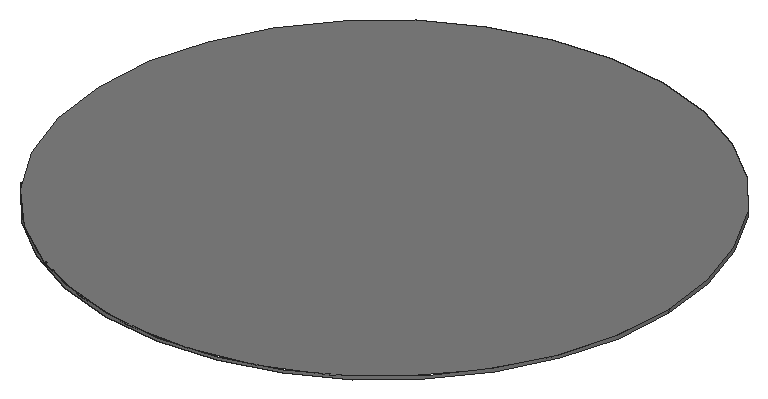
Revit family "2612-42-CC3", category Lighting Fixtures, Revit 2014
Parameters
  Wattage = 12.1178 W
  built-in parameter 1150110 = 1 (stored number, unit not read)
  built-in parameter 1114217 = 1 (stored number, unit not read)
  built-in parameter 1150109 = 1 (stored number, unit not read)
  built-in parameter 1150134 = (empty or 0)
  built-in parameter 1150113 = 1 (stored number, unit not read)
  Lumens = 1800 lm
  built-in parameter 1150115 = 1 (stored number, unit not read)
  built-in parameter 1150105 = 143.24 (stored number, unit not read)
  Light Source Symbol Size = 2' - 0"
  built-in parameter 1150137 = (empty or 0)
  built-in parameter 1150139 = (empty or 0)
  built-in parameter 1150112 = 1 (stored number, unit not read)
  built-in parameter 1150114 = 1 (stored number, unit not read)
  built-in parameter 1150132 = 2
  built-in parameter 1150102 = (empty or 0)
  built-in parameter 1150138 = (empty or 0)
  built-in parameter 1150107 = 3000 (stored number, unit not read)
  built-in parameter 1150106 = 1.4324 (stored number, unit not read)
  built-in parameter 1150104 = 13.8 (stored number, unit not read)
  Dimming Lamp Color Temperature Shift = (empty or 0)
  Color Filter = 16777215
  built-in parameter 1114218 = 1 (stored number, unit not read)
  built-in parameter 1150133 = 10 (stored number, unit not read)
Reference planes (in)
  plane 1 "Light Source Axis (F/B)": y = 0
  plane 2: z = 0
  plane 3 "Light Source Axis (L/R)": x = 0
  plane 4 "Light Source Elevation": z = -36.375
  plane 5: z = -36.375
Forms (in)
  Extrusion 1, solid, material "ACRYLIC, BROWNLEE"
    sketch origin (-20.98722, -180, -36.375) x (-1, 0, 0) y (0, -1, 0)
      loop
        circle (-20.98722, -180) r 21
    from 0 to 0.25
Dimensions and locks (in)
  aligned and locked: plane 3 "Light Source Axis (L/R)" to imposter light
  aligned and locked: plane 1 "Light Source Axis (F/B)" to imposter light
  aligned and locked: plane 4 "Light Source Elevation" to imposter light
  aligned and locked: level to plane 2
